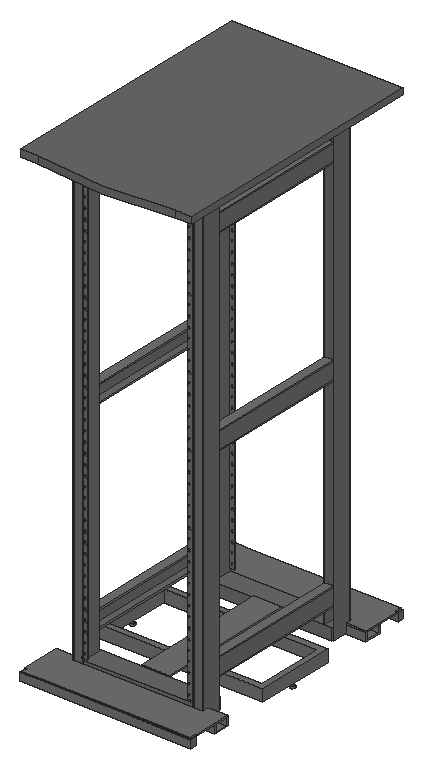
Revit family "VP2A-45U-760x1200mm-14.03.14", category Electrical Equipment, Revit 2013
Parameters
  Weight = 0.00 lbf
  Visibility Door Right [instance] = and(Side Panel Right, not(Hide Doors))  # no
  Visibility Door Left [instance] = and(Side Panel Left, not(Hide Doors))  # no
  Visibility Door Front [instance] = and(Door Front, not(Hide Doors))  # no
  Visibility Door Back [instance] = and(Door Back, not(Hide Doors))  # no
  Version = ""
  U/M = "EA"
  U Space = "45"
  Top Frame Width = 578.00 mm
  System = "VPOD"
  Side Panel Right = no
  Side Panel Left = no
  Serial Number = ""
  Segment = "CSS"
  Rack Width = 501.00 mm
  Rack Depth = 818.00 mm
  Ports = 0
  Mounting Rail Material = SIEMON STEEL
  Model = "VERSPOD"
  Manufacturer = "SIEMON"
  Lock = ""
  Loaded/Empty = "N/A"
  Item Group = "RACKS"
  Item Class = "1F"
  Hide Doors [instance] = no
  Door Front = no
  Door Construction Side = if(and(Side Panel Right, Side Panel Left), 2, if(and(not(Side Panel Right), not(Side Panel Left)), 0, 1))  # 0
  Door Construction Front = ""
  Door Construction Back = ""
  Door Back = no
  Description = "WARNING: PLEASE RELOAD FAMILY USING THE TYPE CATALOG"
  Color = "BLACK"
  Cabinet Width Overall = 762.00 mm
  Cabinet Height = 2145.65 mm
  Cabinet Depth = 1199.95 mm
Reference planes
  plane 1 "Center (Front/Back)": y = 0
  plane 2: z = 0
  plane 3 "Center (Left/Right)": x = 0
  plane 4: y = 1199.95
  plane 5: y = 28.474
  plane 6: y = 23.118
  plane 7: y = 46.93
  plane 8: y = 1176.137
  plane 9: z = 1938.984
  plane 10: z = 1894.392
  plane 11: z = 1849.8
  plane 12: z = 1805.208
  plane 13: z = 1760.616
  plane 14: z = 1716.024
  plane 15: z = 1671.432
  plane 16: z = 1626.84
  plane 17: z = 1582.248
  plane 18: z = 1537.655
  plane 19: z = 1493.063
  plane 20: z = 1448.471
  plane 21: z = 1403.879
  plane 22: z = 1359.287
  plane 23: z = 1314.695
  plane 24: z = 1270.103
  plane 25: z = 1225.511
  plane 26: z = 1180.919
  plane 27: z = 1136.327
  plane 28: z = 1091.735
  plane 29: z = 1047.143
  plane 30: z = 1002.551
  plane 31: z = 957.959
  plane 32: z = 913.367
  plane 33: z = 868.775
  plane 34: z = 824.183
  plane 35: z = 779.591
  plane 36: z = 734.999
  plane 37: z = 690.407
  plane 38: z = 645.815
  plane 39: z = 601.223
  plane 40: z = 556.63
  plane 41: z = 512.038
  plane 42: z = 467.446
  plane 43: z = 422.854
  plane 44: z = 378.262
  plane 45: z = 333.67
  plane 46: z = 289.078
  plane 47: z = 244.486
  plane 48: z = 199.894
  plane 49: z = 155.302
  plane 50: z = 110.71
  plane 51: y = 1169.293
  plane 52 "Mounting Rail Base": z = 89.56
  plane 53: z = 2066.484
  plane 54: z = 2021.892
  plane 55: z = 1977.3
Forms (mm)
  Extrusion 1, solid, material "SIEMON STEEL", detail levels fine
    sketch origin (0, 0, 0) x (1, 0, 0) y (0, 1, 0)
      loop
        line (-381, 46.93) -> (-381, 23.118) -> (381, 23.118) -> (381, 46.93) -> (-381, 46.93)
      loop
        line (-381, 1199.95) -> (-381, 1176.137) -> (381, 1176.137) -> (381, 1199.95) -> (-381, 1199.95)
    from 26.491 to 62.21
  Extrusion 2, solid, material "SIEMON STEEL" <- "Mounting Rail Material", detail levels medium+fine
    sketch origin (0, 2.5, 0) x (1, 0, 0) y (0, 1, 0)
      loop
        line (-286.949, 299.609) -> (-286.949, 202.643) -> (286.949, 202.643) -> (286.949, 299.609) -> (-286.949, 299.609)
    from 26.491 to 77.266
  Extrusion 3, solid, material "SIEMON STEEL", detail levels medium+fine
    sketch origin (289.35, 106.991, 64.766) x (0, 1, 0) y (-1, 0, 0)
      loop
        line (-83.873, 0) -> (-83.873, -84.015) -> (-54.881, -84.015) -> (-54.881, -91.65) -> (115.766, -91.65)
        arc (115.766, -91.65) -> (119.139, -90.252) -> (120.537, -86.879) r 4.771
        line (120.537, -86.879) -> (120.537, -3.811)
        arc (120.537, -3.811) -> (119.396, -1.057) -> (116.642, 0.084) r 3.895
        line (116.642, 0.084) -> (94.311, 0.084)
        arc (94.311, 0.084) -> (93.114, 0.579) -> (92.619, 1.776) r 1.692
        line (92.619, 1.776) -> (92.619, 576.484)
        arc (92.619, 576.484) -> (93.15, 577.768) -> (94.434, 578.299) r 1.815
        line (94.434, 578.299) -> (116.391, 578.299)
        arc (116.391, 578.299) -> (119.027, 579.391) -> (120.119, 582.026) r 3.727
        line (120.119, 582.026) -> (120.119, 665.35)
        arc (120.119, 665.35) -> (118.654, 668.886) -> (115.119, 670.35) r 5
        line (115.119, 670.35) -> (-54.881, 670.35) -> (-54.881, 663.405) -> (-83.873, 663.405) -> (-83.873, 579.39) -> (-83.873, 0)
    from -2.556 to 2
  Extrusion 4, solid, material "SIEMON STEEL" <- "Mounting Rail Material", detail levels medium+fine
    sketch origin (0, 1222.526, 0) x (1, 0, 0) y (0, 1, 0)
      loop
        line (-286.949, -299.609) -> (286.949, -299.609) -> (286.949, -202.643) -> (-286.949, -202.643) -> (-286.949, -299.609)
    from 26.491 to 77.266
  Extrusion 5, solid, material "SIEMON STEEL", detail levels medium+fine
    sketch origin (-65.65, 227.526, 0) x (-1, 0, 0) y (0, -1, 0)
      loop
        circle (289.791, -392.35) r 4
    from 3.445 to 26.491
  Extrusion 6, solid, material "SIEMON STEEL", detail levels medium+fine
    sketch origin (289.35, 1118.035, 64.766) x (0, -1, 0) y (1, 0, 0)
      loop
        line (-83.873, 0) -> (-83.873, -579.39) -> (-83.873, -663.405) -> (-54.881, -663.405) -> (-54.881, -670.35) -> (115.119, -670.35)
        arc (115.119, -670.35) -> (118.654, -668.886) -> (120.119, -665.35) r 5
        line (120.119, -665.35) -> (120.119, -582.026)
        arc (120.119, -582.026) -> (119.027, -579.391) -> (116.391, -578.299) r 3.727
        line (116.391, -578.299) -> (94.434, -578.299)
        arc (94.434, -578.299) -> (93.15, -577.768) -> (92.619, -576.484) r 1.815
        line (92.619, -576.484) -> (92.619, -1.776)
        arc (92.619, -1.776) -> (93.114, -0.579) -> (94.311, -0.084) r 1.692
        line (94.311, -0.084) -> (116.642, -0.084)
        arc (116.642, -0.084) -> (119.396, 1.057) -> (120.537, 3.811) r 3.895
        line (120.537, 3.811) -> (120.537, 86.965)
        arc (120.537, 86.965) -> (119.139, 90.339) -> (115.766, 91.736) r 4.771
        line (115.766, 91.736) -> (-54.881, 91.736) -> (-54.881, 84.015) -> (-83.873, 84.015) -> (-83.873, 0)
    from -2.556 to 2
  Extrusion 7, solid, material "SIEMON STEEL"
    sketch origin (0, -5, 23.128) x (1, 0, 0) y (0, 1, 0)
      loop
        line (-367.423, 804.557) -> (-367.423, 444.546) -> (367.032, 444.546) -> (367.032, 804.557) -> (-367.423, 804.557)
      loop
        line (-344.423, 781.557) -> (-344.423, 467.546) -> (344.032, 467.546) -> (344.032, 781.557) -> (-344.423, 781.557)
    from 0 to 54.372
  Extrusion 8, solid, material "SIEMON STEEL"
    sketch origin (0, 0, 77.5) x (1, 0, 0) y (0, 1, 0)
      loop
        line (64.022, 302.109) -> (64.022, 922.917) -> (-60.978, 922.917) -> (-60.978, 302.109) -> (64.022, 302.109)
    from 0 to 5
  Extrusion 9, solid, material "SIEMON STEEL"
    sketch origin (0, 0, 0) x (1, 0, 0) y (0, 1, 0)
      loop
        circle (-355.391, 619.789) r 10.086
    from 0 to 5.27
  Extrusion 10, solid, material "Cold rolled steel (CRS)", detail levels medium+fine
    sketch origin (65.259, 227.526, 0) x (1, 0, 0) y (0, 1, 0)
      loop
        circle (289.791, 392.35) r 4
    from 3.445 to 26.491
  Extrusion 11, solid
    sketch origin (-0.391, 0, 0) x (-1, 0, 0) y (0, -1, 0)
      loop
        circle (-355.391, -619.789) r 10.086
    from 0 to 5.27
  Extrusion 12, solid, material "SIEMON STEEL"
    sketch origin (-379.941, 0, -0.078) x (0, 1, 0) y (0, 0, 1)
      loop
        line (1070.417, 62.21) -> (1066.594, 62.21) -> (1066.594, 28.366) -> (1001.321, 28.366) -> (1001.321, 62.21) -> (997.499, 62.21) -> (997.499, 25.105) -> (1070.417, 25.105) -> (1070.417, 62.21)
    from 0 to 760.941
  Extrusion 13, solid, material "SIEMON STEEL"
    sketch origin (-379.941, -843.259, -0.078) x (0, 1, 0) y (0, 0, 1)
      loop
        line (1070.417, 62.21) -> (1066.594, 62.21) -> (1066.594, 28.366) -> (1001.321, 28.366) -> (1001.321, 62.21) -> (997.499, 62.21) -> (997.499, 25.105) -> (1070.417, 25.105) -> (1070.417, 62.21)
    from 0 to 760.941
  Extrusion 14, solid, material "SIEMON STEEL"
    sketch origin (0, 0, -5.51) x (1, 0, 0) y (0, 1, 0)
      loop
        line (-381, 28.474) -> (-305.991, 28.474)
        arc (-305.991, 28.474) -> (0, -0.002) -> (305.991, 28.474) r 1658.271
        line (305.991, 28.474) -> (381, 28.474) -> (381, 1199.95) -> (-381, 1199.95) -> (-381, 28.474)
    from 2119.78 to 2151.16
  Extrusion 15, solid, material "SIEMON STEEL" <- "Mounting Rail Material"
    sketch origin (-0.154, 0, -5.515) x (1, 0, 0) y (0, 1, 0)
      loop
        line (289, 1020.4) -> (-289, 1020.4) -> (-289, 202.4) -> (289, 202.4) -> (289, 1020.4)
    from 2098.26 to 2119.78
Lines and regions (mm)
  Masking region 1, detail levels coarse
    outline origin (0, 0, 0) x (1, 0, 0) y (0, 1, 0)
      loop
        line (-381, 1199.95) -> (-381, 0) -> (381, 0) -> (381, 1199.95) -> (-381, 1199.95)
  symbolic lines, detail levels fine
    curve 1: line (-381, 202.4, 62.21) -> (381, 202.4, 62.21)
  model lines, detail levels fine
    curve 2: circle (-344.695, 149.755, 67.5) r 6.221 normal (0, 0, 1)
    curve 3: circle (-6.558, 185.295, 67.5) r 6.221 normal (0, 0, 1)
    curve 4: circle (344.695, 149.755, 67.5) r 6.221 normal (0, 0, -1)
    curve 5: circle (344.695, 34.755, 67.5) r 6.221 normal (0, 0, -1)
    curve 6: circle (-344.695, 34.755, 67.5) r 6.221 normal (0, 0, 1)
    curve 7: circle (-18.953, 34.188, 67.5) r 6.221 normal (0, 0, -1)
    curve 8: circle (6.047, 34.188, 67.5) r 6.221 normal (0, 0, -1)
    curve 10: circle (-344.695, 1075.271, 67.5) r 6.221 normal (0, 0, -1)
    curve 11: circle (-6.558, 1039.731, 67.5) r 6.221 normal (0, 0, -1)
    curve 12: circle (344.695, 1075.271, 67.5) r 6.221 normal (0, 0, 1)
    curve 13: circle (344.695, 1190.271, 67.5) r 6.221 normal (0, 0, 1)
    curve 14: circle (-344.695, 1190.271, 67.5) r 6.221 normal (0, 0, -1)
    curve 15: circle (-18.953, 1190.838, 67.5) r 6.221 normal (0, 0, 1)
    curve 16: circle (6.047, 1190.838, 67.5) r 6.221 normal (0, 0, 1)
  model lines
    curve 9: line (-374.054, 46.93, 67.5) -> (370.946, 46.93, 67.5)
    curve 17: line (-374.054, 1178.096, 67.5) -> (370.946, 1178.096, 67.5)
    curve 18: line (367.032, 456.128, 62.31) -> (367.032, 506.128, 62.31)
    curve 19: line (367.032, 456.128, 36.06) -> (367.032, 456.128, 62.31)
    curve 20: line (367.032, 506.128, 36.06) -> (367.032, 456.128, 36.06)
    curve 21: line (367.032, 506.128, 62.31) -> (367.032, 506.128, 36.06)
    curve 22: line (362.132, 444.446, 77.5) -> (-362.523, 444.446, 77.5)
    curve 23: line (362.132, 794.657, 77.5) -> (362.132, 444.446, 77.5)
    curve 24: line (-362.523, 794.657, 77.5) -> (362.132, 794.657, 77.5)
    curve 25: line (-362.523, 444.446, 77.5) -> (-362.523, 794.657, 77.5)
    curve 26: line (-367.423, 439.546, 77.5) -> (-344.423, 462.546, 77.5)
    curve 27: line (-367.423, 799.557, 77.5) -> (-344.423, 776.557, 77.5)
    curve 28: line (367.032, 439.546, 77.5) -> (344.032, 462.546, 77.5)
    curve 29: line (367.032, 799.557, 77.5) -> (344.032, 776.557, 77.5)
    curve 30: line (367.032, 785.474, 62.31) -> (367.032, 735.474, 62.31)
    curve 31: line (367.032, 785.474, 36.06) -> (367.032, 785.474, 62.31)
    curve 32: line (367.032, 735.474, 36.06) -> (367.032, 785.474, 36.06)
    curve 33: line (367.032, 735.474, 62.31) -> (367.032, 735.474, 36.06)
    curve 34: line (-367.423, 456.128, 62.31) -> (-367.423, 506.128, 62.31)
    curve 35: line (-367.423, 456.128, 36.06) -> (-367.423, 456.128, 62.31)
    curve 36: line (-367.423, 506.128, 36.06) -> (-367.423, 456.128, 36.06)
    curve 37: line (-367.423, 506.128, 62.31) -> (-367.423, 506.128, 36.06)
    curve 38: line (-367.423, 785.474, 62.31) -> (-367.423, 735.474, 62.31)
    curve 39: line (-367.423, 785.474, 36.06) -> (-367.423, 785.474, 62.31)
    curve 40: line (-367.423, 735.474, 36.06) -> (-367.423, 785.474, 36.06)
    curve 41: line (-367.423, 735.474, 62.31) -> (-367.423, 735.474, 36.06)
    curve 42: circle (355.032, 619.902, 77.5) r 4.5 normal (0, 0, 1)
    curve 43: circle (-355.423, 619.902, 77.5) r 4.5 normal (0, 0, -1)
    curve 44: circle (-35.178, 447.769, 82.5) r 4.5 normal (0, 0, -1)
    curve 45: circle (35.179, 447.769, 82.5) r 4.5 normal (0, 0, 1)
    curve 46: circle (-35.178, 777.257, 82.5) r 4.5 normal (0, 0, 1)
    curve 47: circle (35.179, 777.257, 82.5) r 4.5 normal (0, 0, -1)
  model lines, detail levels coarse+fine
    curve 48: line (302.819, 781.213, 2145.89) -> (302.819, 1092.825, 2145.89)
    curve 49: line (307.819, 1097.825, 2145.89) -> (346.251, 1097.825, 2145.89)
    curve 50: line (351.251, 1092.825, 2145.89) -> (351.251, 781.213, 2145.89)
    curve 51: arc (302.819, 1092.825, 2145.89) -> (304.284, 1096.36, 2145.89) -> (307.819, 1097.825, 2145.89) r 5
    curve 52: arc (346.251, 1097.825, 2145.89) -> (349.787, 1096.36, 2145.89) -> (351.251, 1092.825, 2145.89) r 5
    curve 53: line (307.819, 1094.825, 2145.89) -> (330.788, 1094.825, 2145.89)
    curve 54: arc (346.251, 1094.825, 2145.89) -> (347.665, 1094.239, 2145.89) -> (348.251, 1092.825, 2145.89) r 2
    curve 55: line (348.251, 1092.825, 2145.89) -> (348.251, 781.213, 2145.89)
    curve 56: line (305.819, 781.213, 2145.89) -> (305.819, 1092.825, 2145.89)
    curve 57: arc (305.819, 1092.825, 2145.89) -> (306.405, 1094.239, 2145.89) -> (307.819, 1094.825, 2145.89) r 2
    curve 58: line (330.788, 1094.825, 2145.89) -> (346.251, 1094.825, 2145.89)
    curve 59: line (307.819, 776.213, 2145.89) -> (346.251, 776.213, 2145.89)
    curve 60: arc (302.819, 781.213, 2145.89) -> (304.284, 777.678, 2145.89) -> (307.819, 776.213, 2145.89) r 5
    curve 61: arc (346.251, 776.213, 2145.89) -> (349.787, 777.678, 2145.89) -> (351.251, 781.213, 2145.89) r 5
    curve 62: line (307.819, 779.213, 2145.89) -> (330.788, 779.213, 2145.89)
    curve 63: arc (346.251, 779.213, 2145.89) -> (347.665, 779.799, 2145.89) -> (348.251, 781.213, 2145.89) r 2
    curve 64: arc (305.819, 781.213, 2145.89) -> (306.405, 779.799, 2145.89) -> (307.819, 779.213, 2145.89) r 2
    curve 65: line (330.788, 779.213, 2145.89) -> (346.251, 779.213, 2145.89)
    curve 66: line (302.819, 454.578, 2145.89) -> (302.819, 766.19, 2145.89)
    curve 67: line (307.819, 771.19, 2145.89) -> (346.251, 771.19, 2145.89)
    curve 68: line (351.251, 766.19, 2145.89) -> (351.251, 454.578, 2145.89)
    curve 69: arc (302.819, 766.19, 2145.89) -> (304.284, 769.725, 2145.89) -> (307.819, 771.19, 2145.89) r 5
    curve 70: arc (346.251, 771.19, 2145.89) -> (349.787, 769.725, 2145.89) -> (351.251, 766.19, 2145.89) r 5
    curve 71: line (307.819, 768.19, 2145.89) -> (330.788, 768.19, 2145.89)
    curve 72: arc (346.251, 768.19, 2145.89) -> (347.665, 767.604, 2145.89) -> (348.251, 766.19, 2145.89) r 2
    curve 73: line (348.251, 766.19, 2145.89) -> (348.251, 454.578, 2145.89)
    curve 74: line (305.819, 454.578, 2145.89) -> (305.819, 766.19, 2145.89)
    curve 75: arc (305.819, 766.19, 2145.89) -> (306.405, 767.604, 2145.89) -> (307.819, 768.19, 2145.89) r 2
    curve 76: line (330.788, 768.19, 2145.89) -> (346.251, 768.19, 2145.89)
    curve 77: line (307.819, 449.578, 2145.89) -> (346.251, 449.578, 2145.89)
    curve 78: arc (302.819, 454.578, 2145.89) -> (304.284, 451.043, 2145.89) -> (307.819, 449.578, 2145.89) r 5
    curve 79: arc (346.251, 449.578, 2145.89) -> (349.787, 451.043, 2145.89) -> (351.251, 454.578, 2145.89) r 5
    curve 80: line (307.819, 452.578, 2145.89) -> (330.788, 452.578, 2145.89)
    curve 81: arc (346.251, 452.578, 2145.89) -> (347.665, 453.164, 2145.89) -> (348.251, 454.578, 2145.89) r 2
    curve 82: arc (305.819, 454.578, 2145.89) -> (306.405, 453.164, 2145.89) -> (307.819, 452.578, 2145.89) r 2
    curve 83: line (330.788, 452.578, 2145.89) -> (346.251, 452.578, 2145.89)
    curve 84: line (302.819, 127.943, 2145.89) -> (302.819, 439.555, 2145.89)
    curve 85: line (307.819, 444.555, 2145.89) -> (346.251, 444.555, 2145.89)
    curve 86: line (351.251, 439.555, 2145.89) -> (351.251, 127.943, 2145.89)
    curve 87: arc (302.819, 439.555, 2145.89) -> (304.284, 443.09, 2145.89) -> (307.819, 444.555, 2145.89) r 5
    curve 88: arc (346.251, 444.555, 2145.89) -> (349.787, 443.09, 2145.89) -> (351.251, 439.555, 2145.89) r 5
    curve 89: line (307.819, 441.555, 2145.89) -> (330.788, 441.555, 2145.89)
    curve 90: arc (346.251, 441.555, 2145.89) -> (347.665, 440.969, 2145.89) -> (348.251, 439.555, 2145.89) r 2
    curve 91: line (348.251, 439.555, 2145.89) -> (348.251, 127.943, 2145.89)
    curve 92: line (305.819, 127.943, 2145.89) -> (305.819, 439.555, 2145.89)
    curve 93: arc (305.819, 439.555, 2145.89) -> (306.405, 440.969, 2145.89) -> (307.819, 441.555, 2145.89) r 2
    curve 94: line (330.788, 441.555, 2145.89) -> (346.251, 441.555, 2145.89)
    curve 95: line (307.819, 122.943, 2145.89) -> (346.251, 122.943, 2145.89)
    curve 96: arc (302.819, 127.943, 2145.89) -> (304.284, 124.408, 2145.89) -> (307.819, 122.943, 2145.89) r 5
    curve 97: arc (346.251, 122.943, 2145.89) -> (349.787, 124.408, 2145.89) -> (351.251, 127.943, 2145.89) r 5
    curve 98: line (307.819, 125.943, 2145.89) -> (330.788, 125.943, 2145.89)
    curve 99: arc (346.251, 125.943, 2145.89) -> (347.665, 126.529, 2145.89) -> (348.251, 127.943, 2145.89) r 2
    curve 100: arc (305.819, 127.943, 2145.89) -> (306.405, 126.529, 2145.89) -> (307.819, 125.943, 2145.89) r 2
    curve 101: line (330.788, 125.943, 2145.89) -> (346.251, 125.943, 2145.89)
    curve 102: line (-302.697, 781.213, 2145.89) -> (-302.697, 1092.825, 2145.89)
    curve 103: line (-307.697, 1097.825, 2145.89) -> (-346.129, 1097.825, 2145.89)
    curve 104: line (-351.129, 1092.825, 2145.89) -> (-351.129, 781.213, 2145.89)
    curve 105: arc (-302.697, 1092.825, 2145.89) -> (-304.162, 1096.36, 2145.89) -> (-307.697, 1097.825, 2145.89) r 5
    curve 106: arc (-346.129, 1097.825, 2145.89) -> (-349.665, 1096.36, 2145.89) -> (-351.129, 1092.825, 2145.89) r 5
    curve 107: line (-307.697, 1094.825, 2145.89) -> (-323.161, 1094.825, 2145.89)
    curve 108: arc (-346.129, 1094.825, 2145.89) -> (-347.543, 1094.239, 2145.89) -> (-348.129, 1092.825, 2145.89) r 2
    curve 109: line (-348.129, 1092.825, 2145.89) -> (-348.129, 781.213, 2145.89)
    curve 110: line (-305.697, 781.213, 2145.89) -> (-305.697, 1092.825, 2145.89)
    curve 111: arc (-305.697, 1092.825, 2145.89) -> (-306.283, 1094.239, 2145.89) -> (-307.697, 1094.825, 2145.89) r 2
    curve 112: line (-323.161, 1094.825, 2145.89) -> (-346.129, 1094.825, 2145.89)
    curve 113: line (-307.697, 776.213, 2145.89) -> (-346.129, 776.213, 2145.89)
    curve 114: arc (-302.697, 781.213, 2145.89) -> (-304.162, 777.678, 2145.89) -> (-307.697, 776.213, 2145.89) r 5
    curve 115: arc (-346.129, 776.213, 2145.89) -> (-349.665, 777.678, 2145.89) -> (-351.129, 781.213, 2145.89) r 5
    curve 116: line (-307.697, 779.213, 2145.89) -> (-323.161, 779.213, 2145.89)
    curve 117: arc (-346.129, 779.213, 2145.89) -> (-347.543, 779.799, 2145.89) -> (-348.129, 781.213, 2145.89) r 2
    curve 118: arc (-305.697, 781.213, 2145.89) -> (-306.283, 779.799, 2145.89) -> (-307.697, 779.213, 2145.89) r 2
    curve 119: line (-323.161, 779.213, 2145.89) -> (-346.129, 779.213, 2145.89)
    curve 120: line (-302.697, 454.578, 2145.89) -> (-302.697, 766.19, 2145.89)
    curve 121: line (-307.697, 771.19, 2145.89) -> (-346.129, 771.19, 2145.89)
    curve 122: line (-351.129, 766.19, 2145.89) -> (-351.129, 454.578, 2145.89)
    curve 123: arc (-302.697, 766.19, 2145.89) -> (-304.162, 769.725, 2145.89) -> (-307.697, 771.19, 2145.89) r 5
    curve 124: arc (-346.129, 771.19, 2145.89) -> (-349.665, 769.725, 2145.89) -> (-351.129, 766.19, 2145.89) r 5
    curve 125: line (-307.697, 768.19, 2145.89) -> (-323.161, 768.19, 2145.89)
    curve 126: arc (-346.129, 768.19, 2145.89) -> (-347.543, 767.604, 2145.89) -> (-348.129, 766.19, 2145.89) r 2
    curve 127: line (-348.129, 766.19, 2145.89) -> (-348.129, 454.578, 2145.89)
    curve 128: line (-305.697, 454.578, 2145.89) -> (-305.697, 766.19, 2145.89)
    curve 129: arc (-305.697, 766.19, 2145.89) -> (-306.283, 767.604, 2145.89) -> (-307.697, 768.19, 2145.89) r 2
    curve 130: line (-323.161, 768.19, 2145.89) -> (-346.129, 768.19, 2145.89)
    curve 131: line (-307.697, 449.578, 2145.89) -> (-346.129, 449.578, 2145.89)
    curve 132: arc (-302.697, 454.578, 2145.89) -> (-304.162, 451.043, 2145.89) -> (-307.697, 449.578, 2145.89) r 5
    curve 133: arc (-346.129, 449.578, 2145.89) -> (-349.665, 451.043, 2145.89) -> (-351.129, 454.578, 2145.89) r 5
    curve 134: line (-307.697, 452.578, 2145.89) -> (-330.666, 452.578, 2145.89)
    curve 135: arc (-346.129, 452.578, 2145.89) -> (-347.543, 453.164, 2145.89) -> (-348.129, 454.578, 2145.89) r 2
    curve 136: arc (-305.697, 454.578, 2145.89) -> (-306.283, 453.164, 2145.89) -> (-307.697, 452.578, 2145.89) r 2
    curve 137: line (-330.666, 452.578, 2145.89) -> (-346.129, 452.578, 2145.89)
    curve 138: line (-302.697, 127.943, 2145.89) -> (-302.697, 439.555, 2145.89)
    curve 139: line (-307.697, 444.555, 2145.89) -> (-346.129, 444.555, 2145.89)
    curve 140: line (-351.129, 439.555, 2145.89) -> (-351.129, 127.943, 2145.89)
    curve 141: arc (-302.697, 439.555, 2145.89) -> (-304.162, 443.09, 2145.89) -> (-307.697, 444.555, 2145.89) r 5
    curve 142: arc (-346.129, 444.555, 2145.89) -> (-349.665, 443.09, 2145.89) -> (-351.129, 439.555, 2145.89) r 5
    curve 143: line (-307.697, 441.555, 2145.89) -> (-323.161, 441.555, 2145.89)
    curve 144: arc (-346.129, 441.555, 2145.89) -> (-347.543, 440.969, 2145.89) -> (-348.129, 439.555, 2145.89) r 2
    curve 145: line (-348.129, 439.555, 2145.89) -> (-348.129, 127.943, 2145.89)
    curve 146: line (-305.697, 127.943, 2145.89) -> (-305.697, 439.555, 2145.89)
    curve 147: arc (-305.697, 439.555, 2145.89) -> (-306.283, 440.969, 2145.89) -> (-307.697, 441.555, 2145.89) r 2
    curve 148: line (-323.161, 441.555, 2145.89) -> (-346.129, 441.555, 2145.89)
    curve 149: line (-307.697, 122.943, 2145.89) -> (-346.129, 122.943, 2145.89)
    curve 150: arc (-302.697, 127.943, 2145.89) -> (-304.162, 124.408, 2145.89) -> (-307.697, 122.943, 2145.89) r 5
    curve 151: arc (-346.129, 122.943, 2145.89) -> (-349.665, 124.408, 2145.89) -> (-351.129, 127.943, 2145.89) r 5
    curve 152: line (-307.697, 125.943, 2145.89) -> (-323.161, 125.943, 2145.89)
    curve 153: arc (-346.129, 125.943, 2145.89) -> (-347.543, 126.529, 2145.89) -> (-348.129, 127.943, 2145.89) r 2
    curve 154: arc (-305.697, 127.943, 2145.89) -> (-306.283, 126.529, 2145.89) -> (-307.697, 125.943, 2145.89) r 2
    curve 155: line (-323.161, 125.943, 2145.89) -> (-346.129, 125.943, 2145.89)
    curve 156: line (237.676, 231.101, 2145.89) -> (-237.236, 231.101, 2145.89)
    curve 157: line (-237.236, 231.101, 2145.89) -> (-241.239, 227.098, 2145.89)
    curve 158: line (-241.239, 227.098, 2145.89) -> (-241.239, 57.987, 2145.89)
    curve 159: line (-241.239, 57.987, 2145.89) -> (-237.236, 53.984, 2145.89)
    curve 160: line (-237.236, 53.984, 2145.89) -> (237.676, 53.984, 2145.89)
    curve 161: line (237.676, 53.984, 2145.89) -> (241.679, 57.987, 2145.89)
    curve 162: line (241.679, 57.987, 2145.89) -> (241.679, 227.098, 2145.89)
    curve 163: line (241.679, 227.098, 2145.89) -> (237.676, 231.101, 2145.89)
    curve 164: circle (-161.714, 69.191, 2145.89) r 6.221 normal (0, 0, 1)
    curve 165: circle (-161.714, 217.683, 2145.89) r 6.221 normal (0, 0, 1)
    curve 166: circle (163.964, 69.191, 2145.89) r 6.221 normal (0, 0, 1)
    curve 167: circle (163.964, 217.683, 2145.89) r 6.221 normal (0, 0, 1)
    curve 168: line (237.676, 728.101, 2145.89) -> (-237.236, 728.101, 2145.89)
    curve 169: line (-237.236, 728.101, 2145.89) -> (-241.239, 724.098, 2145.89)
    curve 170: line (-241.239, 724.098, 2145.89) -> (-241.239, 554.987, 2145.89)
    curve 171: line (-241.239, 554.987, 2145.89) -> (-237.236, 550.984, 2145.89)
    curve 172: line (-237.236, 550.984, 2145.89) -> (237.676, 550.984, 2145.89)
    curve 173: line (237.676, 550.984, 2145.89) -> (241.679, 554.987, 2145.89)
    curve 174: line (241.679, 554.987, 2145.89) -> (241.679, 724.098, 2145.89)
    curve 175: line (241.679, 724.098, 2145.89) -> (237.676, 728.101, 2145.89)
    curve 176: circle (-161.714, 566.191, 2145.89) r 6.221 normal (0, 0, 1)
    curve 177: circle (-161.714, 714.683, 2145.89) r 6.221 normal (0, 0, 1)
    curve 178: circle (163.964, 566.191, 2145.89) r 6.221 normal (0, 0, 1)
    curve 179: circle (163.964, 714.683, 2145.89) r 6.221 normal (0, 0, 1)
    curve 180: line (237.676, 911.101, 2145.89) -> (-237.236, 911.101, 2145.89)
    curve 181: line (-237.236, 911.101, 2145.89) -> (-241.239, 907.098, 2145.89)
    curve 182: line (-241.239, 907.098, 2145.89) -> (-241.239, 737.987, 2145.89)
    curve 183: line (-241.239, 737.987, 2145.89) -> (-237.236, 733.984, 2145.89)
    curve 184: line (-237.236, 733.984, 2145.89) -> (237.676, 733.984, 2145.89)
    curve 185: line (237.676, 733.984, 2145.89) -> (241.679, 737.987, 2145.89)
    curve 186: line (241.679, 737.987, 2145.89) -> (241.679, 907.098, 2145.89)
    curve 187: line (241.679, 907.098, 2145.89) -> (237.676, 911.101, 2145.89)
    curve 188: circle (-161.714, 749.191, 2145.89) r 6.221 normal (0, 0, 1)
    curve 189: circle (-161.714, 897.683, 2145.89) r 6.221 normal (0, 0, 1)
    curve 190: circle (163.964, 749.191, 2145.89) r 6.221 normal (0, 0, 1)
    curve 191: circle (163.964, 897.683, 2145.89) r 6.221 normal (0, 0, 1)
    curve 192: line (-224.28, 522.528, 2145.89) -> (224.72, 522.528, 2145.89)
    curve 193: line (224.72, 522.528, 2145.89) -> (293.679, 579.987, 2145.89)
    curve 194: line (293.679, 579.987, 2145.89) -> (293.679, 1124.987, 2145.89)
    curve 195: line (-224.28, 522.528, 2145.89) -> (-293.239, 579.987, 2145.89)
    curve 196: line (-293.239, 579.987, 2145.89) -> (-293.239, 1124.987, 2145.89)
    curve 197: line (235.257, 1195.101, 2145.89) -> (293.679, 1124.987, 2145.89)
    curve 198: line (-237.236, 1195.101, 2145.89) -> (-293.239, 1124.987, 2145.89)
    curve 199: line (235.257, 1195.101, 2145.89) -> (-237.236, 1195.101, 2145.89)
    curve 200: circle (-109.752, 1186.683, 2145.89) r 6.221 normal (0, 0, 1)
    curve 201: circle (-263.793, 1127.552, 2145.89) r 6.221 normal (0, 0, 1)
    curve 202: circle (-263.793, 952.552, 2145.89) r 6.221 normal (0, 0, 1)
    curve 203: circle (-263.793, 779.213, 2145.89) r 6.221 normal (0, 0, 1)
    curve 204: circle (-263.793, 594.213, 2145.89) r 6.221 normal (0, 0, 1)
    curve 205: circle (-110.807, 532.403, 2145.89) r 6.221 normal (0, 0, 1)
    curve 206: circle (264.233, 1127.552, 2145.89) r 6.221 normal (0, 0, -1)
    curve 207: circle (264.233, 952.552, 2145.89) r 6.221 normal (0, 0, -1)
    curve 208: circle (264.233, 779.213, 2145.89) r 6.221 normal (0, 0, -1)
    curve 209: circle (264.233, 594.213, 2145.89) r 6.221 normal (0, 0, -1)
    curve 210: circle (110.192, 1186.683, 2145.89) r 6.221 normal (0, 0, -1)
    curve 211: circle (111.247, 532.403, 2145.89) r 6.221 normal (0, 0, -1)
    curve 212: line (237.676, 997.323, 2145.89) -> (-237.236, 997.323, 2145.89)
    curve 213: line (-237.236, 997.323, 2145.89) -> (-241.239, 1001.326, 2145.89)
    curve 214: line (-241.239, 1170.437, 2145.89) -> (-237.236, 1174.44, 2145.89)
    curve 215: line (-237.236, 1174.44, 2145.89) -> (237.676, 1174.44, 2145.89)
    curve 216: line (237.676, 1174.44, 2145.89) -> (241.679, 1170.437, 2145.89)
    curve 217: line (241.679, 1001.326, 2145.89) -> (237.676, 997.323, 2145.89)
    curve 218: circle (-161.714, 1159.233, 2145.89) r 6.221 normal (0, 0, -1)
    curve 219: circle (-161.714, 1010.741, 2145.89) r 6.221 normal (0, 0, -1)
    curve 220: circle (163.964, 1159.233, 2145.89) r 6.221 normal (0, 0, -1)
    curve 221: circle (163.964, 1010.741, 2145.89) r 6.221 normal (0, 0, -1)
    curve 222: line (-241.239, 1170.437, 2146.587) -> (-241.239, 1001.326, 2146.587)
    curve 223: line (241.679, 1001.326, 2146.587) -> (241.679, 1170.437, 2146.587)
Dimensions and locks
  "Cabinet Depth": plane 1 "Center (Front/Back)" to plane 4
  locked: plane 4 to plane 8 at 23.812
  plane 1 "Center (Front/Back)" to plane 4 = 1199.95 mm
  locked: plane 52 "Mounting Rail Base" to level at 89.56
  Extrusion 14 to Extrusion 11 = 2145.65 mm
  aligned and locked: Extrusion 1 sketch curve to plane 7
  aligned and locked: plane 6 to Extrusion 1 sketch curve
  aligned and locked: plane 8 to Extrusion 1 sketch curve
  aligned and locked: level to plane 2
Automatic sketch dimensions
  Extrusion 1 sketch curve to plane 4 = 0.00 mm
  Extrusion 1 sketch curve to plane 3 "Center (Left/Right)" = 381.00 mm  (x2)
  plane 3 "Center (Left/Right)" to Extrusion 1 sketch curve = 381.00 mm  (x2)
  plane 52 "Mounting Rail Base" to curve 1 = 27.35 mm
  plane 3 "Center (Left/Right)" to curve 1 = 381.00 mm
  curve 1 to plane 3 "Center (Left/Right)" = 381.00 mm
  plane 1 "Center (Front/Back)" to Masking region 1 sketch curve = 0.00 mm
  Masking region 1 sketch curve to plane 4 = 0.00 mm
  Masking region 1 sketch curve to plane 3 "Center (Left/Right)" = 381.00 mm
  plane 3 "Center (Left/Right)" to Masking region 1 sketch curve = 381.00 mm
  Extrusion 2 sketch curve to plane 3 "Center (Left/Right)" = 286.949 mm
  plane 7 to Extrusion 2 sketch curve = 158.212 mm
  plane 3 "Center (Left/Right)" to Extrusion 2 sketch curve = 286.949 mm
  Extrusion 2 sketch curve to Extrusion 2 sketch curve = 96.966 mm
  Extrusion 3 sketch curve to plane 6 = 0.00 mm
  plane 7 to Extrusion 3 sketch curve = 5.179 mm  (x2)
  plane 3 "Center (Left/Right)" to Extrusion 3 sketch curve = 381.00 mm
  plane 7 to Extrusion 3 sketch curve = 152.679 mm
  Extrusion 3 sketch curve to Extrusion 3 sketch curve = 1.692 mm
  Extrusion 3 sketch curve to Extrusion 3 sketch curve = 1.815 mm
  Extrusion 3 sketch curve to Extrusion 3 sketch curve = 20.685 mm
  Extrusion 3 sketch curve to Extrusion 3 sketch curve = 21.455 mm
  Extrusion 3 sketch curve to Extrusion 3 sketch curve = 21.958 mm
  Extrusion 3 sketch curve to Extrusion 3 sketch curve = 22.331 mm
  Extrusion 3 sketch curve to Extrusion 3 sketch curve = 5.00 mm
  Extrusion 3 sketch curve to Extrusion 3 sketch curve = 3.895 mm
  Extrusion 3 sketch curve to Extrusion 3 sketch curve = 7.635 mm
  Extrusion 3 sketch curve to Extrusion 3 sketch curve = 83.068 mm
  Extrusion 3 sketch curve to Extrusion 3 sketch curve = 84.015 mm  (x2)
  Extrusion 3 sketch curve to plane 3 "Center (Left/Right)" = 287.134 mm
  Extrusion 3 sketch curve to Extrusion 3 sketch curve = 2.906 mm
  Extrusion 3 sketch curve to Extrusion 3 sketch curve = 83.324 mm
  curve 9 to plane 7 = 0.00 mm
  plane 3 "Center (Left/Right)" to curve 9 = 370.946 mm
  plane 8 to curve 17 = 1.958 mm
  plane 3 "Center (Left/Right)" to curve 17 = 370.946 mm
  plane 5 to curve 5 = 6.281 mm
  curve 9 to curve 5 = 26.25 mm
  curve 17 to curve 12 = 26.25 mm
  curve 9 to curve 4 = 26.25 mm
  curve 13 to plane 4 = 9.679 mm
  curve 17 to curve 13 = 26.25 mm
  plane 3 "Center (Left/Right)" to curve 8 = 6.047 mm
  plane 3 "Center (Left/Right)" to curve 16 = 6.047 mm
  curve 11 to plane 3 "Center (Left/Right)" = 6.558 mm
  curve 3 to plane 3 "Center (Left/Right)" = 6.558 mm
  curve 15 to plane 4 = 9.112 mm
  curve 15 to plane 3 "Center (Left/Right)" = 18.953 mm
  plane 5 to curve 7 = 5.714 mm
  curve 7 to plane 3 "Center (Left/Right)" = 18.953 mm
  curve 14 to plane 4 = 9.679 mm
  curve 15 to curve 14 = 325.742 mm
  plane 5 to curve 6 = 6.281 mm
  curve 7 to curve 6 = 325.742 mm
  curve 10 to curve 14 = 0.00 mm
  curve 2 to curve 6 = 0.00 mm
  curve 14 to curve 17 = 29.359 mm
  curve 6 to curve 9 = 29.359 mm
  curve 16 to plane 4 = 9.112 mm
  plane 51 to curve 12 = 94.022 mm
  plane 51 to curve 10 = 94.022 mm
  plane 51 to curve 11 = 129.562 mm
  plane 7 to curve 3 = 138.364 mm
  plane 7 to curve 4 = 102.825 mm
  plane 7 to curve 2 = 102.825 mm
  plane 5 to curve 8 = 5.714 mm
  plane 3 "Center (Left/Right)" to Extrusion 4 sketch curve = 286.949 mm
  Extrusion 4 sketch curve to plane 51 = 149.41 mm
  Extrusion 4 sketch curve to plane 3 "Center (Left/Right)" = 286.949 mm
  Extrusion 4 sketch curve to Extrusion 4 sketch curve = 96.966 mm
  Extrusion 5 sketch curve to plane 3 "Center (Left/Right)" = 355.441 mm
  plane 51 to Extrusion 5 sketch curve = 549.417 mm
  plane 4 to Extrusion 6 sketch curve = 1.958 mm
  Extrusion 6 sketch curve to plane 8 = 3.221 mm  (x2)
  Extrusion 6 sketch curve to plane 3 "Center (Left/Right)" = 381.00 mm
  plane 51 to Extrusion 6 sketch curve = 143.876 mm
  Extrusion 6 sketch curve to Extrusion 6 sketch curve = 1.692 mm
  Extrusion 6 sketch curve to Extrusion 6 sketch curve = 1.815 mm
  Extrusion 6 sketch curve to Extrusion 6 sketch curve = 20.685 mm
  Extrusion 6 sketch curve to Extrusion 6 sketch curve = 21.455 mm
  Extrusion 6 sketch curve to Extrusion 6 sketch curve = 21.958 mm
  Extrusion 6 sketch curve to Extrusion 6 sketch curve = 22.331 mm
  Extrusion 6 sketch curve to Extrusion 6 sketch curve = 5.00 mm
  Extrusion 6 sketch curve to Extrusion 6 sketch curve = 3.895 mm
  Extrusion 6 sketch curve to Extrusion 6 sketch curve = 6.946 mm
  Extrusion 6 sketch curve to Extrusion 6 sketch curve = 83.324 mm
  Extrusion 6 sketch curve to Extrusion 6 sketch curve = 84.015 mm  (x2)
  plane 3 "Center (Left/Right)" to Extrusion 6 sketch curve = 287.575 mm
  Extrusion 6 sketch curve to Extrusion 6 sketch curve = 1.776 mm
  Extrusion 6 sketch curve to Extrusion 6 sketch curve = 83.154 mm
  Extrusion 7 sketch curve to plane 3 "Center (Left/Right)" = 367.423 mm
  plane 7 to Extrusion 7 sketch curve = 392.615 mm
  Extrusion 7 sketch curve to Extrusion 7 sketch curve = 23.00 mm  (x4)
  plane 3 "Center (Left/Right)" to Extrusion 7 sketch curve = 344.032 mm
  Extrusion 7 sketch curve to Extrusion 7 sketch curve = 314.011 mm
  Extrusion 8 sketch curve to plane 3 "Center (Left/Right)" = 60.978 mm
  plane 7 to Extrusion 8 sketch curve = 255.179 mm
  plane 3 "Center (Left/Right)" to Extrusion 8 sketch curve = 64.022 mm
  plane 51 to Extrusion 8 sketch curve = 246.376 mm
  level to curve 20 = 36.06 mm
  plane 7 to curve 20 = 409.198 mm
  level to curve 33 = 36.06 mm
  curve 19 to curve 20 = 50.00 mm
  curve 20 to curve 33 = 229.346 mm
  curve 32 to curve 32 = 50.00 mm
  curve 32 to curve 30 = 26.25 mm
  curve 19 to curve 19 = 26.25 mm
  curve 22 to plane 3 "Center (Left/Right)" = 362.523 mm
  plane 7 to curve 22 = 397.515 mm
  plane 3 "Center (Left/Right)" to curve 24 = 362.132 mm
  curve 27 to curve 24 = 4.90 mm
  curve 26 to curve 22 = 4.90 mm  (x2)
  curve 24 to curve 43 = 7.10 mm
  curve 22 to curve 26 = 18.10 mm  (x2)
  curve 24 to curve 27 = 18.10 mm
  curve 29 to curve 23 = 18.10 mm  (x2)
  curve 28 to curve 22 = 18.10 mm
  curve 29 to curve 42 = 11.00 mm
  curve 23 to curve 29 = 4.90 mm  (x2)
  curve 22 to curve 28 = 4.90 mm
  curve 22 to curve 24 = 350.211 mm
  curve 28 to curve 22 = 4.90 mm
  curve 22 to curve 28 = 18.10 mm
  curve 26 to curve 43 = 157.356 mm
  curve 28 to curve 42 = 157.356 mm
  curve 27 to curve 24 = 18.10 mm
  curve 24 to curve 27 = 4.90 mm
  level to curve 36 = 36.06 mm
  plane 7 to curve 36 = 409.198 mm
  plane 52 "Mounting Rail Base" to curve 34 = 27.25 mm
  curve 35 to curve 36 = 50.00 mm
  level to curve 41 = 36.06 mm
  curve 36 to curve 41 = 229.346 mm
  curve 40 to curve 40 = 50.00 mm
  curve 41 to curve 40 = 26.25 mm
  curve 46 to plane 3 "Center (Left/Right)" = 35.178 mm
  curve 44 to plane 3 "Center (Left/Right)" = 35.178 mm
  plane 3 "Center (Left/Right)" to curve 47 = 35.179 mm
  plane 3 "Center (Left/Right)" to curve 45 = 35.179 mm
  plane 7 to curve 45 = 400.839 mm
  curve 44 to curve 45 = 0.00 mm
  curve 45 to curve 47 = 329.488 mm
  curve 46 to curve 47 = 0.00 mm
  Extrusion 9 sketch curve to plane 3 "Center (Left/Right)" = 355.391 mm
  plane 51 to Extrusion 9 sketch curve = 549.504 mm
  Extrusion 10 sketch curve to plane 3 "Center (Left/Right)" = 355.05 mm
  Extrusion 10 sketch curve to plane 51 = 549.417 mm
  Extrusion 11 sketch curve to plane 3 "Center (Left/Right)" = 355.00 mm
  Extrusion 11 sketch curve to plane 51 = 549.504 mm
  plane 52 "Mounting Rail Base" to Extrusion 12 sketch curve = 27.428 mm  (x2)
  plane 51 to Extrusion 12 sketch curve = 171.794 mm
  level to Extrusion 12 sketch curve = 25.027 mm
  Extrusion 12 sketch curve to Extrusion 12 sketch curve = 3.822 mm  (x2)
  level to Extrusion 12 sketch curve = 28.288 mm
  Extrusion 12 sketch curve to Extrusion 12 sketch curve = 65.274 mm
  plane 52 "Mounting Rail Base" to Extrusion 13 sketch curve = 27.428 mm  (x2)
  plane 7 to Extrusion 13 sketch curve = 107.309 mm
  level to Extrusion 13 sketch curve = 25.027 mm
  Extrusion 13 sketch curve to Extrusion 13 sketch curve = 3.822 mm  (x2)
  level to Extrusion 13 sketch curve = 28.288 mm
  Extrusion 13 sketch curve to Extrusion 13 sketch curve = 65.274 mm
  Extrusion 14 sketch curve to plane 5 = 0.00 mm  (x2)
  Extrusion 14 sketch curve to plane 4 = 0.00 mm
  Extrusion 14 sketch curve to plane 3 "Center (Left/Right)" = 381.00 mm
  Extrusion 14 sketch curve to plane 3 "Center (Left/Right)" = 0.00 mm
  Extrusion 14 sketch curve to Extrusion 14 sketch curve = 75.009 mm  (x2)
  plane 4 to Extrusion 14 sketch curve = 458.32 mm
  Extrusion 15 sketch curve to plane 3 "Center (Left/Right)" = 289.154 mm
  plane 7 to Extrusion 15 sketch curve = 155.47 mm
  plane 3 "Center (Left/Right)" to Extrusion 15 sketch curve = 288.846 mm
  plane 51 to Extrusion 15 sketch curve = 148.893 mm
  curve 51 to curve 57 = 0.00 mm  (x2)
  curve 52 to curve 54 = 0.00 mm  (x2)
  curve 60 to curve 64 = 0.00 mm  (x2)
  curve 61 to curve 63 = 0.00 mm  (x2)
  curve 69 to curve 75 = 0.00 mm  (x2)
  curve 70 to curve 72 = 0.00 mm  (x2)
  curve 78 to curve 82 = 0.00 mm  (x2)
  curve 79 to curve 81 = 0.00 mm  (x2)
  curve 87 to curve 93 = 0.00 mm  (x2)
  curve 88 to curve 90 = 0.00 mm  (x2)
  curve 96 to curve 100 = 0.00 mm  (x2)
  curve 97 to curve 99 = 0.00 mm  (x2)
  curve 105 to curve 111 = 0.00 mm  (x2)
  curve 106 to curve 108 = 0.00 mm  (x2)
  curve 114 to curve 118 = 0.00 mm  (x2)
  curve 115 to curve 117 = 0.00 mm  (x2)
  curve 123 to curve 129 = 0.00 mm  (x2)
  curve 124 to curve 126 = 0.00 mm  (x2)
  curve 132 to curve 136 = 0.00 mm  (x2)
  curve 133 to curve 135 = 0.00 mm  (x2)
  curve 141 to curve 147 = 0.00 mm  (x2)
  curve 142 to curve 144 = 0.00 mm  (x2)
  curve 150 to curve 154 = 0.00 mm  (x2)
  curve 151 to curve 153 = 0.00 mm  (x2)
  plane 7 to curve 86 = 81.013 mm
  plane 3 "Center (Left/Right)" to curve 86 = 351.251 mm
  curve 198 to plane 4 = 4.849 mm
  curve 68 to curve 86 = 0.00 mm
  plane 51 to curve 50 = 76.468 mm
  curve 50 to curve 68 = 0.00 mm
  curve 86 to curve 91 = 3.00 mm
  curve 50 to curve 55 = 3.00 mm
  curve 68 to curve 73 = 3.00 mm
  curve 55 to curve 65 = 2.00 mm
  curve 90 to curve 94 = 2.00 mm
  curve 77 to curve 85 = 0.00 mm
  curve 54 to curve 49 = 2.00 mm
  curve 91 to curve 101 = 2.00 mm
  curve 72 to curve 76 = 2.00 mm
  curve 99 to curve 98 = 15.463 mm
  curve 72 to curve 71 = 15.463 mm
  curve 81 to curve 80 = 15.463 mm
  curve 65 to curve 71 = 0.00 mm
  curve 89 to curve 80 = 0.00 mm
  curve 54 to curve 53 = 15.463 mm
  curve 62 to curve 62 = 22.968 mm
  curve 98 to curve 98 = 22.968 mm
  curve 80 to curve 80 = 22.968 mm
  curve 53 to curve 53 = 22.968 mm
  curve 89 to curve 78 = 0.00 mm
  curve 67 to curve 60 = 0.00 mm
  curve 51 to curve 56 = 2.00 mm
  curve 78 to curve 74 = 2.00 mm
  curve 87 to curve 92 = 2.00 mm
  curve 49 to curve 194 = 14.141 mm
  curve 66 to curve 175 = 61.141 mm
  curve 48 to curve 187 = 61.141 mm
  curve 84 to curve 163 = 61.141 mm
  curve 186 to curve 217 = 4.003 mm
  plane 7 to curve 161 = 7.054 mm
  curve 161 to curve 161 = 4.003 mm
  curve 215 to plane 8 = 1.698 mm
  curve 194 to curve 215 = 56.003 mm
  curve 186 to curve 187 = 4.003 mm
  curve 185 to curve 185 = 4.003 mm
  curve 174 to curve 175 = 4.003 mm
  curve 162 to curve 156 = 4.003 mm
  curve 173 to curve 173 = 4.003 mm
  curve 215 to curve 197 = 2.419 mm
  curve 172 to curve 193 = 12.956 mm
  curve 195 to plane 3 "Center (Left/Right)" = 224.28 mm
  curve 192 to curve 169 = 12.956 mm
  curve 156 to plane 3 "Center (Left/Right)" = 237.236 mm
  curve 180 to curve 168 = 0.00 mm
  curve 160 to curve 156 = 0.00 mm
  curve 215 to plane 3 "Center (Left/Right)" = 237.236 mm
  curve 199 to curve 214 = 0.00 mm
  curve 212 to curve 180 = 0.00 mm
  curve 192 to curve 172 = 12.956 mm
  curve 183 to curve 168 = 0.00 mm
  curve 168 to curve 169 = 4.003 mm
  plane 7 to curve 159 = 11.056 mm
  curve 159 to curve 159 = 4.003 mm
  curve 183 to curve 182 = 4.003 mm
  curve 214 to curve 196 = 56.003 mm
  curve 196 to curve 102 = 9.458 mm
  curve 120 to curve 114 = 0.00 mm
  curve 158 to curve 138 = 61.458 mm
  curve 132 to curve 128 = 3.00 mm
  curve 114 to curve 110 = 3.00 mm
  curve 150 to curve 146 = 3.00 mm
  curve 110 to curve 107 = 2.00 mm
  curve 146 to curve 139 = 2.00 mm
  curve 131 to curve 139 = 0.00 mm  (x2)
  curve 118 to curve 116 = 2.00 mm
  curve 128 to curve 125 = 2.00 mm
  curve 154 to curve 152 = 2.00 mm
  curve 107 to curve 112 = 15.463 mm
  curve 125 to curve 125 = 15.463 mm
  curve 152 to curve 152 = 15.463 mm
  curve 119 to curve 125 = 0.00 mm
  curve 143 to curve 148 = 15.463 mm
  curve 143 to curve 134 = 7.505 mm
  curve 134 to curve 139 = 15.463 mm
  curve 107 to curve 103 = 22.968 mm
  curve 125 to curve 130 = 22.968 mm
  curve 119 to curve 121 = 0.00 mm
  curve 152 to curve 149 = 22.968 mm
  curve 106 to curve 109 = 2.00 mm
  curve 151 to curve 145 = 2.00 mm
  curve 133 to curve 127 = 2.00 mm
  curve 207 to curve 180 = 26.556 mm
  curve 193 to curve 209 = 29.446 mm
  curve 48 to curve 208 = 38.587 mm
  curve 194 to curve 206 = 29.446 mm
  curve 216 to plane 51 = 1.144 mm
  curve 216 to curve 216 = 4.003 mm
  curve 217 to curve 212 = 4.003 mm  (x2)
  curve 180 to curve 191 = 73.712 mm
  curve 212 to curve 221 = 73.712 mm
  curve 184 to curve 190 = 73.712 mm
  plane 7 to curve 166 = 22.261 mm
  curve 160 to curve 166 = 73.712 mm
  curve 179 to curve 190 = 0.00 mm
  curve 192 to curve 178 = 60.756 mm
  curve 156 to curve 167 = 73.712 mm
  plane 51 to curve 220 = 10.06 mm
  curve 215 to curve 220 = 73.712 mm
  curve 178 to curve 211 = 52.717 mm
  plane 8 to curve 210 = 10.545 mm
  curve 220 to curve 210 = 53.772 mm
  plane 8 to curve 200 = 10.545 mm
  curve 200 to plane 3 "Center (Left/Right)" = 109.752 mm
  curve 205 to plane 3 "Center (Left/Right)" = 110.807 mm
  plane 7 to curve 164 = 22.261 mm
  curve 164 to curve 159 = 75.523 mm
  curve 219 to curve 212 = 75.523 mm
  plane 51 to curve 218 = 10.06 mm
  curve 200 to curve 218 = 51.962 mm
  curve 177 to curve 168 = 75.523 mm
  curve 165 to curve 156 = 75.523 mm
  curve 189 to curve 180 = 75.523 mm
  curve 188 to curve 177 = 0.00 mm
  curve 205 to curve 176 = 50.906 mm
  curve 212 to curve 213 = 4.003 mm
  curve 214 to plane 51 = 1.144 mm
  curve 214 to curve 214 = 4.003 mm
  curve 203 to curve 102 = 38.904 mm
  curve 204 to curve 195 = 29.446 mm
  curve 180 to curve 202 = 26.556 mm
  curve 201 to curve 196 = 29.446 mm
  curve 197 to curve 49 = 27.162 mm
  plane 51 to curve 198 = 44.306 mm
  curve 196 to curve 103 = 27.162 mm
  curve 48 to curve 217 = 95.501 mm
  curve 212 to curve 187 = 86.223 mm
  curve 180 to curve 186 = 4.003 mm
  curve 180 to curve 182 = 4.003 mm
  curve 186 to curve 55 = 125.885 mm
  curve 181 to curve 104 = 125.885 mm
  curve 114 to curve 121 = 5.023 mm
  curve 60 to curve 67 = 5.023 mm
  curve 123 to curve 183 = 28.203 mm
  curve 66 to curve 185 = 28.203 mm
  curve 182 to curve 183 = 4.003 mm
  curve 183 to curve 169 = 5.883 mm
  curve 168 to curve 174 = 4.003 mm
  curve 168 to curve 170 = 4.003 mm
  curve 174 to curve 194 = 144.111 mm
  curve 169 to curve 196 = 144.111 mm
  curve 193 to curve 174 = 25.00 mm
  curve 195 to curve 171 = 25.00 mm
  curve 170 to curve 171 = 4.003 mm
  curve 171 to curve 192 = 28.456 mm
  curve 193 to curve 73 = 125.409 mm
  curve 195 to curve 122 = 125.409 mm
  curve 78 to curve 85 = 5.023 mm
  curve 133 to curve 139 = 5.023 mm
  curve 156 to curve 158 = 173.114 mm
  curve 156 to curve 163 = 4.003 mm
  curve 156 to curve 158 = 4.003 mm
  plane 7 to curve 140 = 81.013 mm
  curve 161 to curve 160 = 4.003 mm
  curve 201 to curve 196 = 2.565 mm
  curve 206 to curve 194 = 2.565 mm
  curve 219 to curve 212 = 13.418 mm
  curve 221 to curve 212 = 13.418 mm
  curve 213 to curve 212 = 4.003 mm
  curve 202 to curve 180 = 41.451 mm
  curve 207 to curve 180 = 41.451 mm
  curve 180 to curve 189 = 13.418 mm
  curve 180 to curve 191 = 13.418 mm
  curve 48 to curve 208 = 2.00 mm
  curve 102 to curve 203 = 2.00 mm
  curve 190 to curve 184 = 15.207 mm
  curve 188 to curve 183 = 15.207 mm
  curve 188 to curve 177 = 34.509 mm
  curve 190 to curve 179 = 34.509 mm
  curve 209 to curve 193 = 14.226 mm
  curve 204 to curve 195 = 14.226 mm
  curve 176 to curve 192 = 43.663 mm
  curve 178 to curve 192 = 43.663 mm
  curve 176 to curve 205 = 33.788 mm
  curve 178 to curve 211 = 33.788 mm
  curve 156 to curve 165 = 13.418 mm
  curve 156 to curve 167 = 13.418 mm
  curve 222 to plane 3 "Center (Left/Right)" = 241.239 mm
  curve 223 to plane 51 = 1.144 mm
  plane 3 "Center (Left/Right)" to curve 223 = 241.679 mm
  plane 51 to curve 223 = 167.967 mm
  plane 51 to curve 222 = 167.967 mm
  curve 222 to plane 51 = 1.144 mm
  radius of curve 2 = 6.221 mm
  radius of curve 3 = 6.221 mm
  radius of curve 4 = 6.221 mm
  radius of curve 5 = 6.221 mm
  radius of curve 6 = 6.221 mm
  radius of curve 7 = 6.221 mm
  radius of curve 8 = 6.221 mm
  radius of curve 10 = 6.221 mm
  radius of curve 11 = 6.221 mm
  radius of curve 12 = 6.221 mm
  radius of curve 13 = 6.221 mm
  radius of curve 14 = 6.221 mm
  radius of curve 15 = 6.221 mm
  radius of curve 16 = 6.221 mm
  radius of Extrusion 5 sketch curve = 4.00 mm
  radius of curve 42 = 4.50 mm
  radius of curve 43 = 4.50 mm
  radius of curve 44 = 4.50 mm
  radius of curve 45 = 4.50 mm
  radius of curve 46 = 4.50 mm
  radius of curve 47 = 4.50 mm
  radius of Extrusion 9 sketch curve = 10.086 mm
  radius of Extrusion 10 sketch curve = 4.00 mm
  radius of Extrusion 11 sketch curve = 10.086 mm
  radius of curve 164 = 6.221 mm
  radius of curve 165 = 6.221 mm
  radius of curve 166 = 6.221 mm
  radius of curve 167 = 6.221 mm
  radius of curve 176 = 6.221 mm
  radius of curve 177 = 6.221 mm
  radius of curve 178 = 6.221 mm
  radius of curve 179 = 6.221 mm
  radius of curve 188 = 6.221 mm
  radius of curve 189 = 6.221 mm
  radius of curve 190 = 6.221 mm
  radius of curve 191 = 6.221 mm
  radius of curve 200 = 6.221 mm
  radius of curve 201 = 6.221 mm
  radius of curve 202 = 6.221 mm
  radius of curve 203 = 6.221 mm
  radius of curve 204 = 6.221 mm
  radius of curve 205 = 6.221 mm
  radius of curve 206 = 6.221 mm
  radius of curve 207 = 6.221 mm
  radius of curve 208 = 6.221 mm
  radius of curve 209 = 6.221 mm
  radius of curve 210 = 6.221 mm
  radius of curve 211 = 6.221 mm
  radius of curve 218 = 6.221 mm
  radius of curve 219 = 6.221 mm
  radius of curve 220 = 6.221 mm
  radius of curve 221 = 6.221 mm
Nested families
  nested 1: "VersaPOD-Frame" at (-0.746, 577.174, 7.106), type "VersaPOD-Frame"
  nested 2: "VersaPOD-Frame" at (0.746, 577.174, 7.106) x (-1, 0, 0) z (0, 0, 1), type "VersaPOD-Frame"
  nested 3: "VersaPOD-Frame" at (0.746, 645.899, 7.106) x (-1, 0, 0) z (0, 0, 1), type "VersaPOD-Frame"
  nested 4: "CC" at (-181.729, 292.581, 1062.2) x (0, -1, 0) z (-1, 0, 0), type "CC"
  nested 5: "CC" at (183.504, 292.581, 1062.2) x (0, -1, 0) z (1, 0, 0), type "CC"
  nested 6: "CC" at (-181.729, 292.58, 161.575) x (0, -1, 0) z (-1, 0, 0), type "CC"
  nested 7: "CC" at (183.504, 292.58, 161.575) x (0, -1, 0) z (1, 0, 0), type "CC"
  nested 8: "CC" at (-181.729, 292.582, 1932.658) x (0, -1, 0) z (-1, 0, 0), type "CC"
  nested 9: "CC" at (183.504, 292.582, 1932.658) x (0, -1, 0) z (1, 0, 0), type "CC"
  nested 10: "VersaPOD-Frame" at (-0.746, 647.852, 7.106), type "VersaPOD-Frame"
Definition of nested family "VersaPOD-Frame"
  Parameters (values of type "VersaPOD-Frame")
    Material = SIEMON STEEL
    Assembly Code = ""
  Reference planes
    plane 1 "Center (Front/Back)": y = 0
    plane 2: z = 0
    plane 3 "Center (Left/Right)": x = 0
  Forms (mm)
    Extrusion 1, solid, material "SIEMON STEEL"
      sketch origin (0, 0, 23.366) x (1, 0, 0) y (0, 1, 0)
        loop
          line (289.695, 284.529) -> (289.695, 372.661) -> (289.695, 374.531) -> (246.699, 374.531) -> (246.699, 284.531) -> (248.747, 284.531) -> (248.747, 372.529) -> (287.695, 372.529) -> (287.695, 284.529) -> (289.695, 284.529)
      from -5.367 to 2063.063
    Extrusion 2, solid, material "SIEMON STEEL"
      sketch origin (168.748, 374.529, 88.392) x (-1, 0, 0) y (0, 0, 1)
        loop
          line (-80, 1985.267) -> (-80, -6.934) -> (-54.5, -6.934) -> (-54.5, 1985.267) -> (-80, 1985.267)
        loop
          line (-57.148, 1839.014) -> (-66.648, 1839.014) -> (-66.648, 1829.514) -> (-57.148, 1829.514) -> (-57.148, 1839.014)
        loop
          line (-57.148, 1785.111) -> (-57.148, 1794.629) -> (-66.648, 1794.629) -> (-66.648, 1785.111) -> (-57.148, 1785.111)
        loop
          line (-57.148, 1750.161) -> (-66.648, 1750.161) -> (-66.648, 1740.643) -> (-57.148, 1740.643) -> (-57.148, 1750.161)
        loop
          line (-57.148, 1661.29) -> (-66.648, 1661.29) -> (-66.648, 1651.772) -> (-57.148, 1651.772) -> (-57.148, 1661.29)
        loop
          line (-57.148, 1696.24) -> (-57.148, 1705.758) -> (-66.648, 1705.758) -> (-66.648, 1696.24) -> (-57.148, 1696.24)
        loop
          line (-57.148, 1483.547) -> (-66.648, 1483.547) -> (-66.648, 1474.029) -> (-57.148, 1474.029) -> (-57.148, 1483.547)
        loop
          line (-57.148, 1518.497) -> (-57.148, 1528.016) -> (-66.648, 1528.016) -> (-66.648, 1518.497) -> (-57.148, 1518.497)
        loop
          line (-57.148, 1607.369) -> (-57.148, 1616.887) -> (-66.648, 1616.887) -> (-66.648, 1607.369) -> (-57.148, 1607.369)
        loop
          line (-57.148, 1572.419) -> (-66.648, 1572.419) -> (-66.648, 1562.901) -> (-57.148, 1562.901) -> (-57.148, 1572.419)
        loop
          line (-57.148, 1128.062) -> (-66.648, 1128.062) -> (-66.648, 1118.544) -> (-57.148, 1118.544) -> (-57.148, 1128.062)
        loop
          line (-57.148, 1163.012) -> (-57.148, 1172.531) -> (-66.648, 1172.531) -> (-66.648, 1163.012) -> (-57.148, 1163.012)
        loop
          line (-57.148, 1251.884) -> (-57.148, 1261.402) -> (-66.648, 1261.402) -> (-66.648, 1251.884) -> (-57.148, 1251.884)
        loop
          line (-57.148, 1216.934) -> (-66.648, 1216.934) -> (-66.648, 1207.416) -> (-57.148, 1207.416) -> (-57.148, 1216.934)
        loop
          line (-57.148, 1429.626) -> (-57.148, 1439.144) -> (-66.648, 1439.144) -> (-66.648, 1429.626) -> (-57.148, 1429.626)
        loop
          line (-57.148, 1394.676) -> (-66.648, 1394.676) -> (-66.648, 1385.158) -> (-57.148, 1385.158) -> (-57.148, 1394.676)
        loop
          line (-57.148, 1305.805) -> (-66.648, 1305.805) -> (-66.648, 1296.287) -> (-57.148, 1296.287) -> (-57.148, 1305.805)
        loop
          line (-57.148, 1340.755) -> (-57.148, 1350.273) -> (-66.648, 1350.273) -> (-66.648, 1340.755) -> (-57.148, 1340.755)
        loop
          line (-57.148, 1074.141) -> (-57.148, 1083.659) -> (-66.648, 1083.659) -> (-66.648, 1074.141) -> (-57.148, 1074.141)
        loop
          line (-57.148, 1039.191) -> (-66.648, 1039.191) -> (-66.648, 1029.673) -> (-57.148, 1029.673) -> (-57.148, 1039.191)
        loop
          line (-57.148, 950.32) -> (-66.648, 950.32) -> (-66.648, 940.802) -> (-57.148, 940.802) -> (-57.148, 950.32)
        loop
          line (-57.148, 985.27) -> (-57.148, 994.788) -> (-66.648, 994.788) -> (-66.648, 985.27) -> (-57.148, 985.27)
        loop
          line (-57.148, 718.656) -> (-57.148, 728.174) -> (-66.648, 728.174) -> (-66.648, 718.656) -> (-57.148, 718.656)
        loop
          line (-57.148, 683.706) -> (-66.648, 683.706) -> (-66.648, 674.188) -> (-57.148, 674.188) -> (-57.148, 683.706)
        loop
          line (-57.148, 629.785) -> (-57.148, 639.303) -> (-66.648, 639.303) -> (-66.648, 629.785) -> (-57.148, 629.785)
        loop
          line (-57.148, 772.577) -> (-66.648, 772.577) -> (-66.648, 763.059) -> (-57.148, 763.059) -> (-57.148, 772.577)
        loop
          line (-57.148, 807.527) -> (-57.148, 817.046) -> (-66.648, 817.046) -> (-66.648, 807.527) -> (-57.148, 807.527)
        loop
          line (-57.148, 896.399) -> (-57.148, 905.917) -> (-66.648, 905.917) -> (-66.648, 896.399) -> (-57.148, 896.399)
        loop
          line (-57.148, 861.449) -> (-66.648, 861.449) -> (-66.648, 851.931) -> (-57.148, 851.931) -> (-57.148, 861.449)
        loop
          line (-57.148, 505.964) -> (-66.648, 505.964) -> (-66.648, 496.446) -> (-57.148, 496.446) -> (-57.148, 505.964)
        loop
          line (-57.148, 540.914) -> (-57.148, 550.432) -> (-66.648, 550.432) -> (-66.648, 540.914) -> (-57.148, 540.914)
        loop
          line (-57.148, 594.835) -> (-66.648, 594.835) -> (-66.648, 585.317) -> (-57.148, 585.317) -> (-57.148, 594.835)
        loop
          line (-57.148, 452.042) -> (-57.148, 461.561) -> (-66.648, 461.561) -> (-66.648, 452.042) -> (-57.148, 452.042)
        loop
          line (-57.148, 417.092) -> (-66.648, 417.092) -> (-66.648, 407.574) -> (-57.148, 407.574) -> (-57.148, 417.092)
        loop
          line (-57.148, 150.479) -> (-66.648, 150.479) -> (-66.648, 140.961) -> (-57.148, 140.961) -> (-57.148, 150.479)
        loop
          line (-57.148, 274.3) -> (-57.148, 283.818) -> (-66.648, 283.818) -> (-66.648, 274.3) -> (-57.148, 274.3)
        loop
          line (-57.148, 239.35) -> (-66.648, 239.35) -> (-66.648, 229.832) -> (-57.148, 229.832) -> (-57.148, 239.35)
        loop
          line (-57.148, 185.429) -> (-57.148, 194.947) -> (-66.648, 194.947) -> (-66.648, 185.429) -> (-57.148, 185.429)
        loop
          line (-57.148, 328.221) -> (-66.648, 328.221) -> (-66.648, 318.703) -> (-57.148, 318.703) -> (-57.148, 328.221)
        loop
          line (-57.148, 363.171) -> (-57.148, 372.689) -> (-66.648, 372.689) -> (-66.648, 363.171) -> (-57.148, 363.171)
        loop
          line (-57.148, 96.557) -> (-57.148, 106.076) -> (-66.648, 106.076) -> (-66.648, 96.557) -> (-57.148, 96.557)
